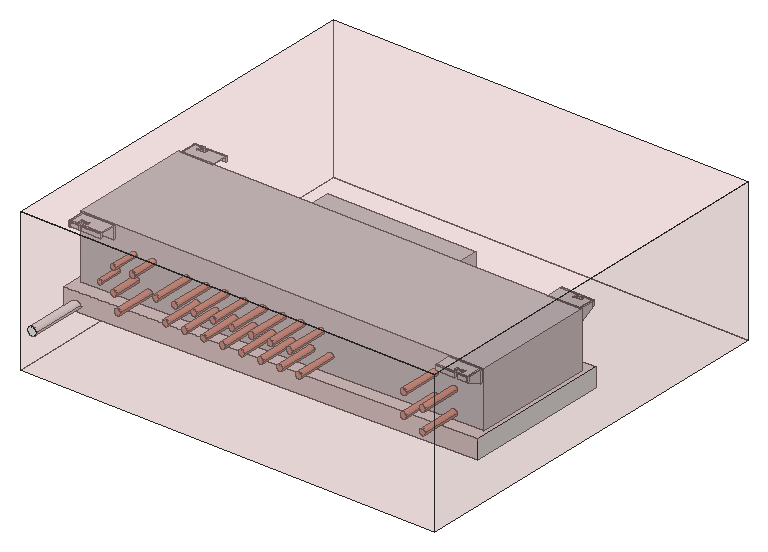
Revit family "CMB-WM108V-AA", category Mechanical Equipment, host Ceiling, Revit 2016
Family settings
  Host = Ceiling
  Part Type = Normal
  Round Connector Dimension = Use Radius
  OmniClass Number = 23.75.00.00
  OmniClass Title = Climate Control (HVAC)
  Always vertical = Yes
  Cut with Voids When Loaded = No
  Shared = No
  Room Calculation Point = No
Parameters (values of type "CMB-WM108V-AA_220V_60Hz_To M200")
  Description = "HBC controller"
  Manufacturer = "Mitsubishi Electric Corporation"
  Model = "CMB-WM108V-AA"
  Width = 1520 mm
  WarrantyStart = ""
  Voltage = 220 V
  Unit Weight (kg) = 86
  URL = "http://www.mitsubishielectric.com/"
  TagNumber = 0
  Subcategory = "HVAC"
  Space View = yes
  Sound Pressure Level (dB(A)) = 41
  SerialNumber = 0
  ReplacementYear = ""
  Phase = 1
  Number of branch = 8
  InstallationDate = ""
  Indoor unit capacity connectable to 1 branch = "Model P80 or smaller (Use optional joint pipe combing 2 branches when the total unit capacity exceeds P81.)"
  Hertz = 60 Hz
  Height = 300 mm
  Heating Power Input (kW) = 0.45
  Heating Current (A) = 2.89
  External Finish = "Galvanized steel plate"
  Equip_description = ""
  Equip_No. = 0
  Equip_ID = ""
  Description = ""
  Depth = 630 mm
  CreatedOn = ""
  CreatedBy = ""
  Cooling Power Input (kW) = 0.45
  Cooling Current (A) = 2.89
  Connection pipe of outdoor/heat source unit (Low pressure)_radius = 9.525 mm
  Connection pipe of outdoor/heat source unit (High pressure)_radius = 7.94 mm
  Connection pipe of indoor unit (Outlet Pipe)_radius (I.D.) = 10 mm
  Connection pipe of indoor unit (Inlet Pipe)_radius (I.D.) = 10 mm
  Connectable Outdoor/Heat source Unit = "PURY-M200YNW-A(-BS)/PURY-EM200YNW-A(-BS)"
  Category = ""
  Barcode = ""
  AssetIdentifier = ""
Types (60, lengths in mm): name | Voltage | Hertz | Heating Power Input (kW) | Heating Current (A) | Cooling Power Input (kW) | Cooling Current (A) | Connection pipe of outdoor/heat source unit (Low pressure)_radius | Connection pipe of outdoor/heat source unit (High pressure)_radius | Connectable Outdoor/Heat source Unit
  CMB-WM108V-AA_220V_50Hz_To M200 | 220 V | 50 Hz | 0.45 | 2.89 | 0.45 | 2.89 | 9.525 | 7.94 | "PURY-M200YNW-A(-BS)/PURY-EM200YNW-A(-BS)"
  CMB-WM108V-AA_220V_60Hz_To M200 | 220 V | 60 Hz | 0.45 | 2.89 | 0.45 | 2.89 | 9.525 | 7.94 | "PURY-M200YNW-A(-BS)/PURY-EM200YNW-A(-BS)"
  CMB-WM108V-AA_230V_50Hz_To M200 | 230 V | 50 Hz | 0.46 | 2.83 | 0.46 | 2.83 | 9.525 | 7.94 | "PURY-M200YNW-A(-BS)/PURY-EM200YNW-A(-BS)"
  CMB-WM108V-AA_230V_60Hz_To M200 | 230 V | 60 Hz | 0.46 | 2.83 | 0.46 | 2.83 | 9.525 | 7.94 | "PURY-M200YNW-A(-BS)/PURY-EM200YNW-A(-BS)"
  CMB-WM108V-AA_240V_50Hz_To M200 | 240 V | 50 Hz | 0.47 | 2.79 | 0.47 | 2.79 | 9.525 | 7.94 | "PURY-M200YNW-A(-BS)/PURY-EM200YNW-A(-BS)"
  CMB-WM108V-AA_240V_60Hz_To M200 | 240 V | 60 Hz | 0.47 | 2.79 | 0.47 | 2.79 | 9.525 | 7.94 | "PURY-M200YNW-A(-BS)/PURY-EM200YNW-A(-BS)"
  CMB-WM108V-AA_220V_50Hz_To M250 | 220 V | 50 Hz | 0.45 | 2.89 | 0.45 | 2.89 | 9.525 | 7.94 | "PURY-M250YNW-A(-BS)/PURY-EM250YNW-A(-BS)"
  CMB-WM108V-AA_220V_60Hz_To M250 | 220 V | 60 Hz | 0.45 | 2.89 | 0.45 | 2.89 | 9.525 | 7.94 | "PURY-M250YNW-A(-BS)/PURY-EM250YNW-A(-BS)"
  CMB-WM108V-AA_230V_50Hz_To M250 | 230 V | 50 Hz | 0.46 | 2.83 | 0.46 | 2.83 | 9.525 | 7.94 | "PURY-M250YNW-A(-BS)/PURY-EM250YNW-A(-BS)"
  CMB-WM108V-AA_230V_60Hz_To M250 | 230 V | 60 Hz | 0.46 | 2.83 | 0.46 | 2.83 | 9.525 | 7.94 | "PURY-M250YNW-A(-BS)/PURY-EM250YNW-A(-BS)"
  CMB-WM108V-AA_240V_50Hz_To M250 | 240 V | 50 Hz | 0.47 | 2.79 | 0.47 | 2.79 | 9.525 | 7.94 | "PURY-M250YNW-A(-BS)/PURY-EM250YNW-A(-BS)"
  CMB-WM108V-AA_240V_60Hz_To M250 | 240 V | 60 Hz | 0.47 | 2.79 | 0.47 | 2.79 | 9.525 | 7.94 | "PURY-M250YNW-A(-BS)/PURY-EM250YNW-A(-BS)"
  CMB-WM108V-AA_220V_50Hz_To M300 | 220 V | 50 Hz | 0.45 | 2.89 | 0.45 | 2.89 | 9.525 | 7.94 | "PURY-M300YNW-A(-BS)/PURY-EM300YNW-A(-BS)"
  CMB-WM108V-AA_220V_60Hz_To M300 | 220 V | 60 Hz | 0.45 | 2.89 | 0.45 | 2.89 | 9.525 | 7.94 | "PURY-M300YNW-A(-BS)/PURY-EM300YNW-A(-BS)"
  CMB-WM108V-AA_230V_50Hz_To M300 | 230 V | 50 Hz | 0.46 | 2.83 | 0.46 | 2.83 | 9.525 | 7.94 | "PURY-M300YNW-A(-BS)/PURY-EM300YNW-A(-BS)"
  CMB-WM108V-AA_230V_60Hz_To M300 | 230 V | 60 Hz | 0.46 | 2.83 | 0.46 | 2.83 | 9.525 | 7.94 | "PURY-M300YNW-A(-BS)/PURY-EM300YNW-A(-BS)"
  CMB-WM108V-AA_240V_50Hz_To M300 | 240 V | 50 Hz | 0.47 | 2.79 | 0.47 | 2.79 | 9.525 | 7.94 | "PURY-M300YNW-A(-BS)/PURY-EM300YNW-A(-BS)"
  CMB-WM108V-AA_240V_60Hz_To M300 | 240 V | 60 Hz | 0.47 | 2.79 | 0.47 | 2.79 | 9.525 | 7.94 | "PURY-M300YNW-A(-BS)/PURY-EM300YNW-A(-BS)"
  CMB-WM108V-AA_220V_50Hz_To P200 | 220 V | 50 Hz | 0.45 | 2.89 | 0.45 | 2.89 | 9.525 | 7.94 | "PURY-P200YNW-A(-BS)/PURY-EP200YNW-A(-BS)/PURY-P200YLM-A(-BS)/PURY-P200YLM-A1(-BS)/PURY-EP200YLM-A1(-BS)/PQRY-P200YLM-A2/PQRY-P200YLM-A1"
  CMB-WM108V-AA_220V_60Hz_To P200 | 220 V | 60 Hz | 0.45 | 2.89 | 0.45 | 2.89 | 9.525 | 7.94 | "PURY-P200YNW-A(-BS)/PURY-EP200YNW-A(-BS)/PURY-P200YLM-A(-BS)/PURY-P200YLM-A1(-BS)/PURY-EP200YLM-A1(-BS)/PQRY-P200YLM-A2/PQRY-P200YLM-A1"
  CMB-WM108V-AA_230V_50Hz_To P200 | 230 V | 50 Hz | 0.46 | 2.83 | 0.46 | 2.83 | 9.525 | 7.94 | "PURY-P200YNW-A(-BS)/PURY-EP200YNW-A(-BS)/PURY-P200YLM-A(-BS)/PURY-P200YLM-A1(-BS)/PURY-EP200YLM-A1(-BS)/PQRY-P200YLM-A2/PQRY-P200YLM-A1"
  CMB-WM108V-AA_230V_60Hz_To P200 | 230 V | 60 Hz | 0.46 | 2.83 | 0.46 | 2.83 | 9.525 | 7.94 | "PURY-P200YNW-A(-BS)/PURY-EP200YNW-A(-BS)/PURY-P200YLM-A(-BS)/PURY-P200YLM-A1(-BS)/PURY-EP200YLM-A1(-BS)/PQRY-P200YLM-A2/PQRY-P200YLM-A1"
  CMB-WM108V-AA_240V_50Hz_To P200 | 240 V | 50 Hz | 0.47 | 2.79 | 0.47 | 2.79 | 9.525 | 7.94 | "PURY-P200YNW-A(-BS)/PURY-EP200YNW-A(-BS)/PURY-P200YLM-A(-BS)/PURY-P200YLM-A1(-BS)/PURY-EP200YLM-A1(-BS)/PQRY-P200YLM-A2/PQRY-P200YLM-A1"
  CMB-WM108V-AA_240V_60Hz_To P200 | 240 V | 60 Hz | 0.47 | 2.79 | 0.47 | 2.79 | 9.525 | 7.94 | "PURY-P200YNW-A(-BS)/PURY-EP200YNW-A(-BS)/PURY-P200YLM-A(-BS)/PURY-P200YLM-A1(-BS)/PURY-EP200YLM-A1(-BS)/PQRY-P200YLM-A2/PQRY-P200YLM-A1"
  CMB-WM108V-AA_220V_50Hz_To P250 | 220 V | 50 Hz | 0.45 | 2.89 | 0.45 | 2.89 | 11.1 | 9.525 | "PURY-P250YNW-A(-BS)/PURY-EP250YNW-A(-BS)/PURY-P250YLM-A(-BS)/PURY-P250YLM-A1(-BS)/PURY-EP250YLM-A1(-BS)/PQRY-P250YLM-A2/PQRY-P250YLM-A1"
  CMB-WM108V-AA_220V_60Hz_To P250 | 220 V | 60 Hz | 0.45 | 2.89 | 0.45 | 2.89 | 11.1 | 9.525 | "PURY-P250YNW-A(-BS)/PURY-EP250YNW-A(-BS)/PURY-P250YLM-A(-BS)/PURY-P250YLM-A1(-BS)/PURY-EP250YLM-A1(-BS)/PQRY-P250YLM-A2/PQRY-P250YLM-A1"
  CMB-WM108V-AA_230V_50Hz_To P250 | 230 V | 50 Hz | 0.46 | 2.83 | 0.46 | 2.83 | 11.1 | 9.525 | "PURY-P250YNW-A(-BS)/PURY-EP250YNW-A(-BS)/PURY-P250YLM-A(-BS)/PURY-P250YLM-A1(-BS)/PURY-EP250YLM-A1(-BS)/PQRY-P250YLM-A2/PQRY-P250YLM-A1"
  CMB-WM108V-AA_230V_60Hz_To P250 | 230 V | 60 Hz | 0.46 | 2.83 | 0.46 | 2.83 | 11.1 | 9.525 | "PURY-P250YNW-A(-BS)/PURY-EP250YNW-A(-BS)/PURY-P250YLM-A(-BS)/PURY-P250YLM-A1(-BS)/PURY-EP250YLM-A1(-BS)/PQRY-P250YLM-A2/PQRY-P250YLM-A1"
  CMB-WM108V-AA_240V_50Hz_To P250 | 240 V | 50 Hz | 0.47 | 2.79 | 0.47 | 2.79 | 11.1 | 9.525 | "PURY-P250YNW-A(-BS)/PURY-EP250YNW-A(-BS)/PURY-P250YLM-A(-BS)/PURY-P250YLM-A1(-BS)/PURY-EP250YLM-A1(-BS)/PQRY-P250YLM-A2/PQRY-P250YLM-A1"
  CMB-WM108V-AA_240V_60Hz_To P250 | 240 V | 60 Hz | 0.47 | 2.79 | 0.47 | 2.79 | 11.1 | 9.525 | "PURY-P250YNW-A(-BS)/PURY-EP250YNW-A(-BS)/PURY-P250YLM-A(-BS)/PURY-P250YLM-A1(-BS)/PURY-EP250YLM-A1(-BS)/PQRY-P250YLM-A2/PQRY-P250YLM-A1"
  CMB-WM108V-AA_220V_50Hz_To P300 | 220 V | 50 Hz | 0.45 | 2.89 | 0.45 | 2.89 | 11.1 | 9.525 | "PURY-P300YNW-A(-BS)/PURY-EP300YNW-A(-BS)/PURY-P300YLM-A(-BS)/PURY-P300YLM-A1(-BS)/PURY-EP300YLM-A1(-BS)/PQRY-P300YLM-A2/PQRY-P300YLM-A1"
  CMB-WM108V-AA_220V_60Hz_To P300 | 220 V | 60 Hz | 0.45 | 2.89 | 0.45 | 2.89 | 11.1 | 9.525 | "PURY-P300YNW-A(-BS)/PURY-EP300YNW-A(-BS)/PURY-P300YLM-A(-BS)/PURY-P300YLM-A1(-BS)/PURY-EP300YLM-A1(-BS)/PQRY-P300YLM-A2/PQRY-P300YLM-A1"
  CMB-WM108V-AA_230V_50Hz_To P300 | 230 V | 50 Hz | 0.46 | 2.83 | 0.46 | 2.83 | 11.1 | 9.525 | "PURY-P300YNW-A(-BS)/PURY-EP300YNW-A(-BS)/PURY-P300YLM-A(-BS)/PURY-P300YLM-A1(-BS)/PURY-EP300YLM-A1(-BS)/PQRY-P300YLM-A2/PQRY-P300YLM-A1"
  CMB-WM108V-AA_230V_60Hz_To P300 | 230 V | 60 Hz | 0.46 | 2.83 | 0.46 | 2.83 | 11.1 | 9.525 | "PURY-P300YNW-A(-BS)/PURY-EP300YNW-A(-BS)/PURY-P300YLM-A(-BS)/PURY-P300YLM-A1(-BS)/PURY-EP300YLM-A1(-BS)/PQRY-P300YLM-A2/PQRY-P300YLM-A1"
  CMB-WM108V-AA_240V_50Hz_To P300 | 240 V | 50 Hz | 0.47 | 2.79 | 0.47 | 2.79 | 11.1 | 9.525 | "PURY-P300YNW-A(-BS)/PURY-EP300YNW-A(-BS)/PURY-P300YLM-A(-BS)/PURY-P300YLM-A1(-BS)/PURY-EP300YLM-A1(-BS)/PQRY-P300YLM-A2/PQRY-P300YLM-A1"
  CMB-WM108V-AA_240V_60Hz_To P300 | 240 V | 60 Hz | 0.47 | 2.79 | 0.47 | 2.79 | 11.1 | 9.525 | "PURY-P300YNW-A(-BS)/PURY-EP300YNW-A(-BS)/PURY-P300YLM-A(-BS)/PURY-P300YLM-A1(-BS)/PURY-EP300YLM-A1(-BS)/PQRY-P300YLM-A2/PQRY-P300YLM-A1"
  CMB-WM108V-AA_220V_50Hz_To P350 | 220 V | 50 Hz | 0.45 | 2.89 | 0.45 | 2.89 | 14.29 | 9.525 | "PURY-P350YNW-A(-BS)/PURY-EP350YNW-A(-BS)/PURY-P350YLM-A(-BS)/PURY-P350YLM-A1(-BS)/PURY-EP350YLM-A1(-BS)/PQRY-P350YLM-A2/PQRY-P350YLM-A1"
  CMB-WM108V-AA_220V_60Hz_To P350 | 220 V | 60 Hz | 0.45 | 2.89 | 0.45 | 2.89 | 14.29 | 9.525 | "PURY-P350YNW-A(-BS)/PURY-EP350YNW-A(-BS)/PURY-P350YLM-A(-BS)/PURY-P350YLM-A1(-BS)/PURY-EP350YLM-A1(-BS)/PQRY-P350YLM-A2/PQRY-P350YLM-A1"
  CMB-WM108V-AA_230V_50Hz_To P350 | 230 V | 50 Hz | 0.46 | 2.83 | 0.46 | 2.83 | 14.29 | 9.525 | "PURY-P350YNW-A(-BS)/PURY-EP350YNW-A(-BS)/PURY-P350YLM-A(-BS)/PURY-P350YLM-A1(-BS)/PURY-EP350YLM-A1(-BS)/PQRY-P350YLM-A2/PQRY-P350YLM-A1"
  CMB-WM108V-AA_230V_60Hz_To P350 | 230 V | 60 Hz | 0.46 | 2.83 | 0.46 | 2.83 | 14.29 | 9.525 | "PURY-P350YNW-A(-BS)/PURY-EP350YNW-A(-BS)/PURY-P350YLM-A(-BS)/PURY-P350YLM-A1(-BS)/PURY-EP350YLM-A1(-BS)/PQRY-P350YLM-A2/PQRY-P350YLM-A1"
  CMB-WM108V-AA_240V_50Hz_To P350 | 240 V | 50 Hz | 0.47 | 2.79 | 0.47 | 2.79 | 14.29 | 9.525 | "PURY-P350YNW-A(-BS)/PURY-EP350YNW-A(-BS)/PURY-P350YLM-A(-BS)/PURY-P350YLM-A1(-BS)/PURY-EP350YLM-A1(-BS)/PQRY-P350YLM-A2/PQRY-P350YLM-A1"
  CMB-WM108V-AA_240V_60Hz_To P350 | 240 V | 60 Hz | 0.47 | 2.79 | 0.47 | 2.79 | 14.29 | 9.525 | "PURY-P350YNW-A(-BS)/PURY-EP350YNW-A(-BS)/PURY-P350YLM-A(-BS)/PURY-P350YLM-A1(-BS)/PURY-EP350YLM-A1(-BS)/PQRY-P350YLM-A2/PQRY-P350YLM-A1"
  CMB-WM108V-AA_220V_50Hz_To P400 | 220 V | 50 Hz | 0.45 | 2.89 | 0.45 | 2.89 | 9.525 | 7.94 | "PURY-P400YNW-A(-BS)/PURY-EP400YNW-A(-BS)/PURY-P400YLM-A(-BS)/PURY-P400YLM-A1(-BS)/PURY-EP400YLM-A1(-BS)/PQRY-P400YLM-A2/PQRY-P400YLM-A1"
  CMB-WM108V-AA_220V_60Hz_To P400 | 220 V | 60 Hz | 0.45 | 2.89 | 0.45 | 2.89 | 9.525 | 7.94 | "PURY-P400YNW-A(-BS)/PURY-EP400YNW-A(-BS)/PURY-P400YLM-A(-BS)/PURY-P400YLM-A1(-BS)/PURY-EP400YLM-A1(-BS)/PQRY-P400YLM-A2/PQRY-P400YLM-A1"
  CMB-WM108V-AA_230V_50Hz_To P400 | 230 V | 50 Hz | 0.46 | 2.83 | 0.46 | 2.83 | 9.525 | 7.94 | "PURY-P400YNW-A(-BS)/PURY-EP400YNW-A(-BS)/PURY-P400YLM-A(-BS)/PURY-P400YLM-A1(-BS)/PURY-EP400YLM-A1(-BS)/PQRY-P400YLM-A2/PQRY-P400YLM-A1"
  CMB-WM108V-AA_230V_60Hz_To P400 | 230 V | 60 Hz | 0.46 | 2.83 | 0.46 | 2.83 | 9.525 | 7.94 | "PURY-P400YNW-A(-BS)/PURY-EP400YNW-A(-BS)/PURY-P400YLM-A(-BS)/PURY-P400YLM-A1(-BS)/PURY-EP400YLM-A1(-BS)/PQRY-P400YLM-A2/PQRY-P400YLM-A1"
  CMB-WM108V-AA_240V_50Hz_To P400 | 240 V | 50 Hz | 0.47 | 2.79 | 0.47 | 2.79 | 9.525 | 7.94 | "PURY-P400YNW-A(-BS)/PURY-EP400YNW-A(-BS)/PURY-P400YLM-A(-BS)/PURY-P400YLM-A1(-BS)/PURY-EP400YLM-A1(-BS)/PQRY-P400YLM-A2/PQRY-P400YLM-A1"
  CMB-WM108V-AA_240V_60Hz_To P400 | 240 V | 60 Hz | 0.47 | 2.79 | 0.47 | 2.79 | 9.525 | 7.94 | "PURY-P400YNW-A(-BS)/PURY-EP400YNW-A(-BS)/PURY-P400YLM-A(-BS)/PURY-P400YLM-A1(-BS)/PURY-EP400YLM-A1(-BS)/PQRY-P400YLM-A2/PQRY-P400YLM-A1"
  CMB-WM108V-AA_220V_50Hz_To P450 | 220 V | 50 Hz | 0.45 | 2.89 | 0.45 | 2.89 | 11.1 | 9.525 | "PURY-P450YNW-A(-BS)/PURY-EP450YNW-A(-BS)/PURY-P450YLM-A(-BS)/PURY-P450YLM-A1(-BS)/PURY-EP450YLM-A1(-BS)/PQRY-P450YLM-A2/PQRY-P450YLM-A1"
  CMB-WM108V-AA_220V_60Hz_To P450 | 220 V | 60 Hz | 0.45 | 2.89 | 0.45 | 2.89 | 11.1 | 9.525 | "PURY-P450YNW-A(-BS)/PURY-EP450YNW-A(-BS)/PURY-P450YLM-A(-BS)/PURY-P450YLM-A1(-BS)/PURY-EP450YLM-A1(-BS)/PQRY-P450YLM-A2/PQRY-P450YLM-A1"
  CMB-WM108V-AA_230V_50Hz_To P450 | 230 V | 50 Hz | 0.46 | 2.83 | 0.46 | 2.83 | 11.1 | 9.525 | "PURY-P450YNW-A(-BS)/PURY-EP450YNW-A(-BS)/PURY-P450YLM-A(-BS)/PURY-P450YLM-A1(-BS)/PURY-EP450YLM-A1(-BS)/PQRY-P450YLM-A2/PQRY-P450YLM-A1"
  CMB-WM108V-AA_230V_60Hz_To P450 | 230 V | 60 Hz | 0.46 | 2.83 | 0.46 | 2.83 | 11.1 | 9.525 | "PURY-P450YNW-A(-BS)/PURY-EP450YNW-A(-BS)/PURY-P450YLM-A(-BS)/PURY-P450YLM-A1(-BS)/PURY-EP450YLM-A1(-BS)/PQRY-P450YLM-A2/PQRY-P450YLM-A1"
  CMB-WM108V-AA_240V_50Hz_To P450 | 240 V | 50 Hz | 0.47 | 2.79 | 0.47 | 2.79 | 11.1 | 9.525 | "PURY-P450YNW-A(-BS)/PURY-EP450YNW-A(-BS)/PURY-P450YLM-A(-BS)/PURY-P450YLM-A1(-BS)/PURY-EP450YLM-A1(-BS)/PQRY-P450YLM-A2/PQRY-P450YLM-A1"
  CMB-WM108V-AA_240V_60Hz_To P450 | 240 V | 60 Hz | 0.47 | 2.79 | 0.47 | 2.79 | 11.1 | 9.525 | "PURY-P450YNW-A(-BS)/PURY-EP450YNW-A(-BS)/PURY-P450YLM-A(-BS)/PURY-P450YLM-A1(-BS)/PURY-EP450YLM-A1(-BS)/PQRY-P450YLM-A2/PQRY-P450YLM-A1"
  CMB-WM108V-AA_220V_50Hz_To P500 | 220 V | 50 Hz | 0.45 | 2.89 | 0.45 | 2.89 | 11.1 | 9.525 | "PURY-P500YNW-A(-BS)/PURY-EP500YNW-A(-BS)/PURY-P500YLM-A(-BS)/PURY-P500YLM-A1(-BS)/PURY-EP500YLM-A1(-BS)/PQRY-P500YLM-A2/PQRY-P500YLM-A1"
  CMB-WM108V-AA_220V_60Hz_To P500 | 220 V | 60 Hz | 0.45 | 2.89 | 0.45 | 2.89 | 11.1 | 9.525 | "PURY-P500YNW-A(-BS)/PURY-EP500YNW-A(-BS)/PURY-P500YLM-A(-BS)/PURY-P500YLM-A1(-BS)/PURY-EP500YLM-A1(-BS)/PQRY-P500YLM-A2/PQRY-P500YLM-A1"
  CMB-WM108V-AA_230V_50Hz_To P500 | 230 V | 50 Hz | 0.46 | 2.83 | 0.46 | 2.83 | 11.1 | 9.525 | "PURY-P500YNW-A(-BS)/PURY-EP500YNW-A(-BS)/PURY-P500YLM-A(-BS)/PURY-P500YLM-A1(-BS)/PURY-EP500YLM-A1(-BS)/PQRY-P500YLM-A2/PQRY-P500YLM-A1"
  CMB-WM108V-AA_230V_60Hz_To P500 | 230 V | 60 Hz | 0.46 | 2.83 | 0.46 | 2.83 | 11.1 | 9.525 | "PURY-P500YNW-A(-BS)/PURY-EP500YNW-A(-BS)/PURY-P500YLM-A(-BS)/PURY-P500YLM-A1(-BS)/PURY-EP500YLM-A1(-BS)/PQRY-P500YLM-A2/PQRY-P500YLM-A1"
  CMB-WM108V-AA_240V_50Hz_To P500 | 240 V | 50 Hz | 0.47 | 2.79 | 0.47 | 2.79 | 11.1 | 9.525 | "PURY-P500YNW-A(-BS)/PURY-EP500YNW-A(-BS)/PURY-P500YLM-A(-BS)/PURY-P500YLM-A1(-BS)/PURY-EP500YLM-A1(-BS)/PQRY-P500YLM-A2/PQRY-P500YLM-A1"
  CMB-WM108V-AA_240V_60Hz_To P500 | 240 V | 60 Hz | 0.47 | 2.79 | 0.47 | 2.79 | 11.1 | 9.525 | "PURY-P500YNW-A(-BS)/PURY-EP500YNW-A(-BS)/PURY-P500YLM-A(-BS)/PURY-P500YLM-A1(-BS)/PURY-EP500YLM-A1(-BS)/PQRY-P500YLM-A2/PQRY-P500YLM-A1"
Reference planes
  plane 1 "Center (Front/Back)": y = 0
  plane 2: z = 0
  plane 3 "Center (Left/Right)": x = 0
  plane 4 "Ceiling": z = -0.345
  plane 5: x = 740.001
  plane 6: x = -739.999
  plane 7: y = 963.043
  plane 8: y = 1625.043
  plane 9: y = 1625.043
  plane 10: y = 1625.043
  plane 11: y = 225.043
  plane 12: y = -424.957
  plane 13: x = 0
  plane 14: y = -271.474
  plane 15: z = 519.655
  plane 16: z = 419.655
  plane 17: z = 119.655
  plane 18: z = 335.655
  plane 19: z = 265.655
  plane 20: z = 345.655
  plane 21: z = 377.73
  plane 22: z = 239.655
  plane 23: x = -544
  plane 24: x = -474
  plane 25: y = -271.5
  plane 26 "front": y = -224.957
  plane 27: x = -716
  plane 28: z = 143.655
  plane 29: x = -544
  plane 30: z = 271.655
  plane 31: x = -603
  plane 32: x = -536
  plane 33: z = 266.655
  plane 34: x = -488
  plane 35: z = 240
  plane 36: x = 561
  plane 37: x = 631
  plane 38: z = 316.655
  plane 39: z = 347
  plane 40: z = 346.655
  plane 41: z = 268.655
  plane 42: z = 238.655
  plane 43 "31": y = -307.957
  plane 44 "43": y = -319.957
  plane 45 "61": y = -337.957
  plane 46 "63": y = -339.957
  plane 47 "160R": x = 600
  plane 48 "160L": x = -600
  plane 49 "250": y = 513.043
  plane 50: x = 150
  plane 51: x = -150
  plane 52: x = -760
  plane 53: x = 760
  plane 54: y = 353.043
  plane 55: y = -276.957
Forms (mm)
  Extrusion 1, solid, material "Plated steel"
    sketch origin (2.001, 0.043, 4120) x (-1, 0, 0) y (0, -1, 0)
      loop
        line (-738, 225) -> (-738, -225) -> (742, -225) -> (742, 225) -> (-738, 225)
    from -3963.529 to -3700.345
  Extrusion 2, solid, material "Plated steel"
    sketch origin (569.8, 1.043, 4090.445) x (-1, 0, 0) y (0, 0, 1)
      loop
        line (865.976, -3712.715) -> (322.799, -3712.715) -> (322.799, -3850.79) -> (865.976, -3850.79) -> (865.976, -3712.715)
    from 224 to 352
  Extrusion 3, solid, material "Copper"
    sketch origin (-127.999, 0.043, 112.655) x (-1, 0, 0) y (0, 0, 1)
      loop
        circle (220, 223) r 11
    from -370 to -225
  Extrusion 4, solid, material "Copper"
    sketch origin (-57.999, 0.043, 112.655) x (-1, 0, 0) y (0, 0, 1)
      loop
        circle (220, 223) r 11
    from -370 to -225
  Extrusion 5, solid, material "Copper"
    sketch origin (12.001, 0.043, 112.655) x (-1, 0, 0) y (0, 0, 1)
      loop
        circle (220, 223) r 11
    from -370 to -225
  Extrusion 6, solid, material "Copper"
    sketch origin (82.001, 0.043, 112.655) x (-1, 0, 0) y (0, 0, 1)
      loop
        circle (220, 223) r 11
    from -370 to -225
  Extrusion 7, solid, material "Copper"
    sketch origin (152.001, 0.043, 112.655) x (-1, 0, 0) y (0, 0, 1)
      loop
        circle (220, 223) r 11
    from -370 to -225
  Extrusion 8, solid, material "Copper"
    sketch origin (222.001, 0.043, 112.655) x (-1, 0, 0) y (0, 0, 1)
      loop
        circle (220, 223) r 11
    from -370 to -225
  Extrusion 9, solid, material "Copper"
    sketch origin (292.001, 0.043, 112.655) x (-1, 0, 0) y (0, 0, 1)
      loop
        circle (220, 223) r 11
    from -370 to -225
  Extrusion 10, solid, material "Copper"
    sketch origin (362.001, 0.043, 112.655) x (-1, 0, 0) y (0, 0, 1)
      loop
        circle (220, 223) r 11
    from -370 to -225
  Extrusion 11, solid, material "Copper"
    sketch origin (-93, 0.043, 42.655) x (-1, 0, 0) y (0, 0, 1)
      loop
        circle (220, 223) r 11
    from -370 to -225
  Extrusion 12, solid, material "Copper"
    sketch origin (-22.179, 0.043, 43) x (-1, 0, 0) y (0, 0, 1)
      loop
        circle (220.821, 222.655) r 11
    from -370 to -225
  Extrusion 13, solid, material "Copper"
    sketch origin (47, 0.043, 42.655) x (-1, 0, 0) y (0, 0, 1)
      loop
        circle (220, 223) r 11
    from -370 to -225
  Extrusion 14, solid, material "Copper"
    sketch origin (117, 0.043, 42.655) x (-1, 0, 0) y (0, 0, 1)
      loop
        circle (220, 223) r 11
    from -370 to -225
  Extrusion 15, solid, material "Copper"
    sketch origin (187, 0.043, 42.655) x (-1, 0, 0) y (0, 0, 1)
      loop
        circle (220, 223) r 11
    from -370 to -225
  Extrusion 16, solid, material "Copper"
    sketch origin (257, 0.043, 42.655) x (-1, 0, 0) y (0, 0, 1)
      loop
        circle (220, 223) r 11
    from -370 to -225
  Extrusion 17, solid, material "Copper"
    sketch origin (327, 0.043, 42.655) x (-1, 0, 0) y (0, 0, 1)
      loop
        circle (220, 223) r 11
    from -370 to -225
  Extrusion 18, solid, material "Copper"
    sketch origin (397, 0.043, 42.655) x (-1, 0, 0) y (0, 0, 1)
      loop
        circle (220, 223) r 11
    from -370 to -225
  Extrusion 19, solid, material "Service space", visible <- "Space View"
    sketch origin (0.001, 0.043, 4120) x (1, 0, 0) y (0, 1, 0)
      loop
        line (759.999, -477) -> (759.999, 963) -> (-760.001, 963) -> (-760.001, -477) -> (759.999, -477)
    from -4120.345 to -3600.345
  Extrusion 20, solid
    sketch origin (0, -224.957, -4000.345) x (0, 0, 1) y (1, 0, 0)
      loop
        circle (4144, -716) r 15.5
    from 0 to -252
  Extrusion 21, solid
    sketch origin (0, -224.957, -4000.345) x (0, 0, 1) y (1, 0, 0)
      loop
        circle (4346, -544) r 9.525
    from 0 to -95
  Extrusion 22, solid
    sketch origin (0, -224.957, -4000.345) x (0, 0, 1) y (1, 0, 0)
      loop
        circle (4346, -474) r 11.1
    from 0 to -95
  Extrusion 23, solid
    sketch origin (0, -224.957, -4000.345) x (0, 0, 1) y (1, 0, 0)
      loop
        circle (4272, -603) r 7.94
    from 0 to -83
  Extrusion 24, solid
    sketch origin (0, -224.957, -4000.345) x (0, 0, 1) y (1, 0, 0)
      loop
        circle (4267, -536) r 11
    from 0 to -103
  Extrusion 25, solid
    sketch origin (0, -224.957, -4000.345) x (0, 0, 1) y (1, 0, 0)
      loop
        circle (4240, -488) r 11
    from 0 to -145
  Extrusion 26, solid
    sketch origin (0, -224.957, -4000.345) x (0, 0, 1) y (1, 0, 0)
      loop
        circle (4347, 561) r 11
    from 0 to -145
  Extrusion 27, solid
    sketch origin (0, -224.957, -4000.345) x (0, 0, 1) y (1, 0, 0)
      loop
        circle (4317, 631) r 11
    from 0 to -145
  Extrusion 28, solid
    sketch origin (0, -224.957, -4000.345) x (0, 0, 1) y (1, 0, 0)
      loop
        circle (4269, 561) r 11
    from 0 to -145
  Extrusion 29, solid
    sketch origin (0, -224.957, -4000.345) x (0, 0, 1) y (1, 0, 0)
      loop
        circle (4239, 631) r 11
    from 0 to -145
Lines and regions (mm)
  model lines, visible <- "Space View"
    curve 1: line (-600, 963.043, -0.345) -> (-150, 963.043, -0.345)
    curve 2: line (-150, 963.043, -0.345) -> (-150, 513.043, -0.345)
    curve 3: line (-150, 513.043, -0.345) -> (-600, 513.043, -0.345)
    curve 4: line (-600, 513.043, -0.345) -> (-600, 963.043, -0.345)
    curve 5: line (-150, 963.043, -0.345) -> (-600, 513.043, -0.345)
    curve 6: line (-600, 963.043, -0.345) -> (-150, 513.043, -0.345)
    curve 7: line (600, 963.043, -0.345) -> (600, 513.043, -0.345)
    curve 8: line (600, 513.043, -0.345) -> (150, 513.043, -0.345)
    curve 9: line (150, 513.043, -0.345) -> (150, 963.043, -0.345)
    curve 10: line (150, 963.043, -0.345) -> (600, 963.043, -0.345)
    curve 11: line (600, 963.043, -0.345) -> (150, 513.043, -0.345)
    curve 12: line (150, 963.043, -0.345) -> (600, 513.043, -0.345)
Dimensions and locks
  equal spacing: host sketch curve, plane 3 "Center (Left/Right)", host sketch curve
  equal spacing: host sketch curve, plane 1 "Center (Front/Back)", host sketch curve
  host sketch curve to host sketch curve = 4000 mm  (x2)
  locked: plane 4 "Ceiling" to host ceiling at 0
  Extrusion 19 sketch curve to nested 1 = 700 mm
  locked: plane 4 "Ceiling" to plane 15 at 520
  locked: plane 4 "Ceiling" to plane 16 at 420
  locked: Extrusion 1 to plane 16 at 263.185
  locked: plane 17 to plane 16 at 300
  locked: plane 18 to plane 16 at 84
  locked: plane 19 to plane 16 at 154
  locked: plane 21 to plane 4 "Ceiling" at 378.075
  locked: plane 22 to plane 4 "Ceiling" at 240
  locked: Extrusion 19 to plane 27 at 44
  locked: Extrusion 1 to plane 28 at 276
  locked: Extrusion 1 to plane 20 at 74
  locked: Extrusion 19 to plane 29 at 216
  locked: Extrusion 19 to plane 24 at 286
  locked: Extrusion 1 to plane 30 at 148
  locked: Extrusion 19 to plane 31 at 157
  locked: Extrusion 19 to plane 32 at 224
  locked: Extrusion 1 to plane 33 at 153
  locked: Extrusion 19 to plane 34 at 272
  locked: Extrusion 1 to plane 22 at 180
  locked: Extrusion 19 to plane 36 at 1321
  locked: plane 37 to nested 1 at 1391
  locked: Extrusion 1 to plane 38 at 103
  locked: Extrusion 1 to plane 40 at 73
  locked: Extrusion 1 to plane 41 at 151
  locked: Extrusion 1 to plane 42 at 181
  Extrusion 20 to Extrusion 1 = 252 mm
  Extrusion 19 to nested 1 = 700 mm
  radius of Extrusion 3 sketch curve = 11 mm
  radius of Extrusion 4 sketch curve = 11 mm
  radius of Extrusion 5 sketch curve = 11 mm
  radius of Extrusion 6 sketch curve = 11 mm
  radius of Extrusion 7 sketch curve = 11 mm
  radius of Extrusion 8 sketch curve = 11 mm
  radius of Extrusion 9 sketch curve = 11 mm
  radius of Extrusion 10 sketch curve = 11 mm
  radius of Extrusion 11 sketch curve = 11 mm
  radius of Extrusion 12 sketch curve = 11 mm
  radius of Extrusion 13 sketch curve = 11 mm
  radius of Extrusion 14 sketch curve = 11 mm
  radius of Extrusion 15 sketch curve = 11 mm
  radius of Extrusion 16 sketch curve = 11 mm
  radius of Extrusion 17 sketch curve = 11 mm
  radius of Extrusion 18 sketch curve = 11 mm
  radius of Extrusion 21 sketch curve = 9.525 mm
  radius of Extrusion 24 sketch curve = 11 mm
  aligned and locked: Extrusion 19 to nested 1  (x2)
  aligned and locked: host ceiling to Extrusion 19
  aligned and locked: plane 15 to Extrusion 19
  aligned and locked: plane 16 to Extrusion 1
  aligned and locked: plane 16 to nested 2  (x2)
  aligned and locked: plane 16 to nested 4  (x2)
  aligned and locked: plane 17 to nested 1
  aligned and locked: plane 16 to nested 5
  aligned and locked: plane 16 to nested 3
  aligned and locked: plane 18 to Extrusion 3
  aligned and locked: plane 18 to Extrusion 4
  aligned and locked: plane 18 to Extrusion 5
  aligned and locked: plane 18 to Extrusion 6
  aligned and locked: plane 18 to Extrusion 7
  aligned and locked: plane 18 to Extrusion 9
  aligned and locked: plane 18 to Extrusion 10
  aligned and locked: plane 18 to Extrusion 8
  aligned and locked: plane 19 to Extrusion 11
  aligned and locked: plane 19 to Extrusion 12
  aligned and locked: plane 19 to Extrusion 13
  aligned and locked: plane 19 to Extrusion 14
  aligned and locked: plane 19 to Extrusion 15
  aligned and locked: plane 19 to Extrusion 16
  aligned and locked: plane 19 to Extrusion 17
  aligned and locked: plane 19 to Extrusion 18
  aligned and locked: plane 21 to Extrusion 2
  aligned and locked: Extrusion 2 to plane 22
  aligned and locked: Extrusion 2 to plane 21
  aligned and locked: plane 22 to Extrusion 2
  aligned and locked: Extrusion 1 to plane 26 "front"
  aligned and locked: plane 28 to Extrusion 20
  aligned and locked: plane 20 to Extrusion 21
  aligned and locked: plane 20 to Extrusion 22
  aligned and locked: plane 30 to Extrusion 23
  aligned and locked: plane 33 to Extrusion 24
  aligned and locked: plane 22 to Extrusion 25
  aligned and locked: plane 40 to Extrusion 26
  aligned and locked: plane 38 to Extrusion 27
  aligned and locked: plane 41 to Extrusion 28
  aligned and locked: plane 42 to Extrusion 29
Nested families
  nested 1: "drain_pac" at (-45, 0.043, 119.655) x (-1, 0, 0) z (0, 0, 1), type "drain_pac"
  nested 2: "turikanagu" at (689.501, 251.069, 416.655), type "turikanagu"
  nested 3: "turikanagu" at (-689.531, -250.984, 416.655) x (-1, 0, 0) z (0, 0, 1), type "turikanagu"
  nested 4: "turikanagu_2" at (-657.331, 251.069, 416.655), type "turikanagu_2"
  nested 5: "turikanagu_2" at (657.333, -250.957, 416.655) x (-1, 0, 0) z (0, 0, 1), type "turikanagu_2"
Connectors
  piping at (-347.999, -369.957, 335.655), diameter 22
    settings: on Extrusion 3, index 65, connector inside diameter 22 mm, connector length 0 mm, flow factor 0, pipe flow 0.0 L/s, pressure drop 0.0 Pa, fitting loss kfactor 0, connector angle 0.00°, fixture units 0, engagement length 0 mm, angle of deflection 0.00°, flow configuration 0, flow direction 1, fitting loss method 0, system type 22, joint type 0, gender type 0, connector reference index -1, connector utility 0, adjustable connector no, is connector primary yes, connector description "Connection pipe from indoor unit"
  piping at (-313, -369.957, 265.655), diameter 22
    settings: on Extrusion 11, index 66, connector inside diameter 22 mm, connector length 0 mm, flow factor 0, pipe flow 0.0 L/s, pressure drop 0.0 Pa, fitting loss kfactor 0, connector angle 0.00°, fixture units 0, engagement length 0 mm, angle of deflection 0.00°, flow configuration 0, flow direction 2, fitting loss method 0, system type 22, joint type 0, gender type 0, connector reference index -1, connector utility 0, adjustable connector no, is connector primary no, connector description "Connection pipe to indoor unit"
  piping at (-277.999, -369.957, 335.655), diameter 22
    settings: on Extrusion 4, index 68, connector inside diameter 22 mm, connector length 0 mm, flow factor 0, pipe flow 0.0 L/s, pressure drop 0.0 Pa, fitting loss kfactor 0, connector angle 0.00°, fixture units 0, engagement length 0 mm, angle of deflection 0.00°, flow configuration 0, flow direction 1, fitting loss method 0, system type 22, joint type 0, gender type 0, connector reference index -1, connector utility 0, adjustable connector no, is connector primary no, connector description "Connection pipe from indoor unit"
  piping at (-207.999, -369.957, 335.655), diameter 22
    settings: on Extrusion 5, index 69, connector inside diameter 22 mm, connector length 0 mm, flow factor 0, pipe flow 0.0 L/s, pressure drop 0.0 Pa, fitting loss kfactor 0, connector angle 0.00°, fixture units 0, engagement length 0 mm, angle of deflection 0.00°, flow configuration 0, flow direction 1, fitting loss method 0, system type 22, joint type 0, gender type 0, connector reference index -1, connector utility 0, adjustable connector no, is connector primary no, connector description "Connection pipe from indoor unit"
  piping at (-137.999, -369.957, 335.655), diameter 22
    settings: on Extrusion 6, index 70, connector inside diameter 22 mm, connector length 0 mm, flow factor 0, pipe flow 0.0 L/s, pressure drop 0.0 Pa, fitting loss kfactor 0, connector angle 0.00°, fixture units 0, engagement length 0 mm, angle of deflection 0.00°, flow configuration 0, flow direction 1, fitting loss method 0, system type 22, joint type 0, gender type 0, connector reference index -1, connector utility 0, adjustable connector no, is connector primary no, connector description "Connection pipe from indoor unit"
  piping at (-67.999, -369.957, 335.655), diameter 22
    settings: on Extrusion 7, index 71, connector inside diameter 22 mm, connector length 0 mm, flow factor 0, pipe flow 0.0 L/s, pressure drop 0.0 Pa, fitting loss kfactor 0, connector angle 0.00°, fixture units 0, engagement length 0 mm, angle of deflection 0.00°, flow configuration 0, flow direction 1, fitting loss method 0, system type 22, joint type 0, gender type 0, connector reference index -1, connector utility 0, adjustable connector no, is connector primary no, connector description "Connection pipe from indoor unit"
  piping at (2.001, -369.957, 335.655), diameter 22
    settings: on Extrusion 8, index 72, connector inside diameter 22 mm, connector length 0 mm, flow factor 0, pipe flow 0.0 L/s, pressure drop 0.0 Pa, fitting loss kfactor 0, connector angle 0.00°, fixture units 0, engagement length 0 mm, angle of deflection 0.00°, flow configuration 0, flow direction 1, fitting loss method 0, system type 22, joint type 0, gender type 0, connector reference index -1, connector utility 0, adjustable connector no, is connector primary no, connector description "Connection pipe from indoor unit"
  piping at (72.001, -369.957, 335.655), diameter 22
    settings: on Extrusion 9, index 73, connector inside diameter 22 mm, connector length 0 mm, flow factor 0, pipe flow 0.0 L/s, pressure drop 0.0 Pa, fitting loss kfactor 0, connector angle 0.00°, fixture units 0, engagement length 0 mm, angle of deflection 0.00°, flow configuration 0, flow direction 1, fitting loss method 0, system type 22, joint type 0, gender type 0, connector reference index -1, connector utility 0, adjustable connector no, is connector primary no, connector description "Connection pipe from indoor unit"
  piping at (142.001, -369.957, 335.655), diameter 22
    settings: on Extrusion 10, index 74, connector inside diameter 22 mm, connector length 0 mm, flow factor 0, pipe flow 0.0 L/s, pressure drop 0.0 Pa, fitting loss kfactor 0, connector angle 0.00°, fixture units 0, engagement length 0 mm, angle of deflection 0.00°, flow configuration 0, flow direction 1, fitting loss method 0, system type 22, joint type 0, gender type 0, connector reference index -1, connector utility 0, adjustable connector no, is connector primary no, connector description "Connection pipe from indoor unit"
  piping at (-243, -369.957, 265.655), diameter 22
    settings: on Extrusion 12, index 75, connector inside diameter 22 mm, connector length 0 mm, flow factor 0, pipe flow 0.0 L/s, pressure drop 0.0 Pa, fitting loss kfactor 0, connector angle 0.00°, fixture units 0, engagement length 0 mm, angle of deflection 0.00°, flow configuration 0, flow direction 2, fitting loss method 0, system type 22, joint type 0, gender type 0, connector reference index -1, connector utility 0, adjustable connector no, is connector primary no, connector description "Connection pipe to indoor unit"
  piping at (-173, -369.957, 265.655), diameter 22
    settings: on Extrusion 13, index 76, connector inside diameter 22 mm, connector length 0 mm, flow factor 0, pipe flow 0.0 L/s, pressure drop 0.0 Pa, fitting loss kfactor 0, connector angle 0.00°, fixture units 0, engagement length 0 mm, angle of deflection 0.00°, flow configuration 0, flow direction 2, fitting loss method 0, system type 22, joint type 0, gender type 0, connector reference index -1, connector utility 0, adjustable connector no, is connector primary no, connector description "Connection pipe to indoor unit"
  piping at (-103, -369.957, 265.655), diameter 22
    settings: on Extrusion 14, index 77, connector inside diameter 22 mm, connector length 0 mm, flow factor 0, pipe flow 0.0 L/s, pressure drop 0.0 Pa, fitting loss kfactor 0, connector angle 0.00°, fixture units 0, engagement length 0 mm, angle of deflection 0.00°, flow configuration 0, flow direction 2, fitting loss method 0, system type 22, joint type 0, gender type 0, connector reference index -1, connector utility 0, adjustable connector no, is connector primary no, connector description "Connection pipe to indoor unit"
  piping at (-33, -369.957, 265.655), diameter 22
    settings: on Extrusion 15, index 78, connector inside diameter 22 mm, connector length 0 mm, flow factor 0, pipe flow 0.0 L/s, pressure drop 0.0 Pa, fitting loss kfactor 0, connector angle 0.00°, fixture units 0, engagement length 0 mm, angle of deflection 0.00°, flow configuration 0, flow direction 2, fitting loss method 0, system type 22, joint type 0, gender type 0, connector reference index -1, connector utility 0, adjustable connector no, is connector primary no, connector description "Connection pipe to indoor unit"
  piping at (37, -369.957, 265.655), diameter 22
    settings: on Extrusion 16, index 79, connector inside diameter 22 mm, connector length 0 mm, flow factor 0, pipe flow 0.0 L/s, pressure drop 0.0 Pa, fitting loss kfactor 0, connector angle 0.00°, fixture units 0, engagement length 0 mm, angle of deflection 0.00°, flow configuration 0, flow direction 2, fitting loss method 0, system type 22, joint type 0, gender type 0, connector reference index -1, connector utility 0, adjustable connector no, is connector primary no, connector description "Connection pipe to indoor unit"
  piping at (107, -369.957, 265.655), diameter 22
    settings: on Extrusion 17, index 80, connector inside diameter 22 mm, connector length 0 mm, flow factor 0, pipe flow 0.0 L/s, pressure drop 0.0 Pa, fitting loss kfactor 0, connector angle 0.00°, fixture units 0, engagement length 0 mm, angle of deflection 0.00°, flow configuration 0, flow direction 2, fitting loss method 0, system type 22, joint type 0, gender type 0, connector reference index -1, connector utility 0, adjustable connector no, is connector primary no, connector description "Connection pipe to indoor unit"
  piping at (177, -369.957, 265.655), diameter 22
    settings: on Extrusion 18, index 81, connector inside diameter 22 mm, connector length 0 mm, flow factor 0, pipe flow 0.0 L/s, pressure drop 0.0 Pa, fitting loss kfactor 0, connector angle 0.00°, fixture units 0, engagement length 0 mm, angle of deflection 0.00°, flow configuration 0, flow direction 2, fitting loss method 0, system type 22, joint type 0, gender type 0, connector reference index -1, connector utility 0, adjustable connector no, is connector primary no, connector description "Connection pipe to indoor unit"
  piping at (561, -369.957, 346.655), diameter 22
    settings: on Extrusion 26, index 100, connector inside diameter 22 mm, connector length 0 mm, flow factor 0, pipe flow 0.0 L/s, pressure drop 0.0 Pa, fitting loss kfactor 0, connector angle 0.00°, fixture units 0, engagement length 0 mm, angle of deflection 0.00°, flow configuration 0, flow direction 2, fitting loss method 0, system type 22, joint type 0, gender type 0, connector reference index -1, connector utility 0, adjustable connector no, is connector primary no, connector description "Connection pipe to SUB HBC"
  piping at (631, -369.957, 316.655), diameter 22
    settings: on Extrusion 27, index 101, connector inside diameter 22 mm, connector length 0 mm, flow factor 0, pipe flow 0.0 L/s, pressure drop 0.0 Pa, fitting loss kfactor 0, connector angle 0.00°, fixture units 0, engagement length 0 mm, angle of deflection 0.00°, flow configuration 0, flow direction 1, fitting loss method 0, system type 22, joint type 0, gender type 0, connector reference index -1, connector utility 0, adjustable connector no, is connector primary no, connector description "Connection pipe from SUB HBC"
  piping at (561, -369.957, 268.655), diameter 22
    settings: on Extrusion 28, index 103, connector inside diameter 22 mm, connector length 0 mm, flow factor 0, pipe flow 0.0 L/s, pressure drop 0.0 Pa, fitting loss kfactor 0, connector angle 0.00°, fixture units 0, engagement length 0 mm, angle of deflection 0.00°, flow configuration 0, flow direction 2, fitting loss method 0, system type 22, joint type 0, gender type 0, connector reference index -1, connector utility 0, adjustable connector no, is connector primary no, connector description "Connection pipe to SUB HBC"
  electrical at (247.001, 289.043, 308.693), driven by "Phase", driven by "Voltage"
    settings: on Extrusion 2, index 105, voltage 220 V, apparent load 0 VA, apparent load phase1 0 VA, apparent load phase2 0 VA, apparent load phase3 0 VA, power factor 1, load classification "Other", number of poles 1, system type 30, power factor state 1, is connector primary yes, connector utility no, sub classification motor no, connector description ""
  piping at (-716, -476.957, 143.655), diameter 32
    settings: on Extrusion 20, index 106, connector inside diameter 32 mm, connector length 0 mm, flow factor 0, pipe flow 0.0 L/s, pressure drop 0.0 Pa, fitting loss kfactor 0, connector angle 0.00°, fixture units 0, engagement length 0 mm, angle of deflection 0.00°, flow configuration 0, flow direction 2, fitting loss method 0, system type 22, joint type 0, gender type 0, connector reference index -1, connector utility 0, adjustable connector no, is connector primary no, connector description "Drain pipe"
  piping at (-488, -369.957, 239.655), diameter 22
    settings: on Extrusion 25, index 107, connector inside diameter 22 mm, connector length 0 mm, flow factor 0, pipe flow 0.0 L/s, pressure drop 0.0 Pa, fitting loss kfactor 0, connector angle 0.00°, fixture units 0, engagement length 0 mm, angle of deflection 0.00°, flow configuration 0, flow direction 1, fitting loss method 0, system type 22, joint type 0, gender type 0, connector reference index -1, connector utility 0, adjustable connector no, is connector primary no, connector description "Water pipe (Inlet)"
  piping at (-536, -327.957, 266.655), diameter 22
    settings: on Extrusion 24, index 108, connector inside diameter 22 mm, connector length 0 mm, flow factor 0, pipe flow 0.0 L/s, pressure drop 0.0 Pa, fitting loss kfactor 0, connector angle 0.00°, fixture units 0, engagement length 0 mm, angle of deflection 0.00°, flow configuration 0, flow direction 2, fitting loss method 0, system type 22, joint type 0, gender type 0, connector reference index -1, connector utility 0, adjustable connector no, is connector primary no, connector description "Water pipe (EXP. Tank)"
  piping at (-474, -319.957, 345.655), diameter 22.2
    settings: on Extrusion 22, index 109, connector inside diameter 22.2 mm, connector length 0 mm, flow factor 0, pipe flow 0.0 L/s, pressure drop 0.0 Pa, fitting loss kfactor 0, connector angle 0.00°, fixture units 0, engagement length 0 mm, angle of deflection 0.00°, flow configuration 0, flow direction 0, fitting loss method 0, system type 22, joint type 0, gender type 0, connector reference index -1, connector utility 0, adjustable connector no, is connector primary no, connector description "Connection pipe of outdoor unit/heat source unit (Low pressure)"
  piping at (-603, -307.957, 271.655), diameter 15.8
    settings: on Extrusion 23, index 110, connector inside diameter 15.8 mm, connector length 0 mm, flow factor 0, pipe flow 0.0 L/s, pressure drop 0.0 Pa, fitting loss kfactor 0, connector angle 0.00°, fixture units 0, engagement length 0 mm, angle of deflection 0.00°, flow configuration 0, flow direction 1, fitting loss method 0, system type 22, joint type 0, gender type 0, connector reference index -1, connector utility 0, adjustable connector no, is connector primary no, connector description "Connection pipe from MAIN HBC"
  piping at (-544, -319.957, 345.655), diameter 19
    settings: on Extrusion 21, index 111, connector inside diameter 19 mm, connector length 0 mm, flow factor 0, pipe flow 0.0 L/s, pressure drop 0.0 Pa, fitting loss kfactor 0, connector angle 0.00°, fixture units 0, engagement length 0 mm, angle of deflection 0.00°, flow configuration 0, flow direction 0, fitting loss method 0, system type 22, joint type 0, gender type 0, connector reference index -1, connector utility 0, adjustable connector no, is connector primary no, connector description "Connection pipe of outdoor unit/heat source unit  (High pressure)"
  piping at (631, -369.957, 238.655), diameter 22.2
    settings: on Extrusion 29, index 112, connector inside diameter 609.6 mm, connector length 0 mm, flow factor 0, pipe flow 0.0 L/s, pressure drop 0.0 Pa, fitting loss kfactor 0, connector angle 0.00°, fixture units 0, engagement length 0 mm, angle of deflection 0.00°, flow configuration 0, flow direction 1, fitting loss method 0, system type 22, joint type 0, gender type 0, connector reference index -1, connector utility 0, adjustable connector no, is connector primary no, connector description ""
Definition of nested family "drain_pac"
  Parameters
    Manufacturer = "Mitsubishi Electric Corporation\r\n"
    Voltage = 0 V
    Unit Weight (kg) = 0
    URL = "http://global.mitsubishielectric.com/"
    Subcategory = "HVAC\r\n"
    Space View = yes
    Sound Pressure Level_Mid2 (dB(A)) = 0
    Sound Pressure Level_Mid1 (dB(A)) = 0
    Sound Pressure Level_Mid (dB(A)) = 0
    Sound Pressure Level_Low (dB(A)) = 0
    Sound Pressure Level_High (dB(A)) = 0
    Sound Pressure Level (dB(A)) = 0
    Refrigerant type = ""
    Refrigerant Charge (kg) = 0
    Protection Devices_Inverter circuit (COMP./FAN) = ""
    Protection Devices_High pressure (MPa) = ""
    Protection Devices_Fan motor = ""
    Protection Devices_Compressor = ""
    Protection Device = ""
    Phase = 1
    Maximum Overcurrent Protection (A) = 0
    Maximum Circuit Ampacity (A) = 0
    Indoor Unit Total Capacity = ""
    Indoor Unit Model/Quantity = ""
    Hertz = 0 Hz
    Heating Power Input (kW) = 0
    Heating Current (A) = 0
    Heating Capacity (BTU) = 0
    Fan_Type = ""
    Fan_Quantity = 0
    Fan Motor Output (kW) = 0
    External Material = ""
    Cooling Power Input (kW) = 0
    Cooling Current (A) = 0
    Cooling Capacity (BTU) = 0
    Connectable Outdoor Unit = ""
    Compressor_Type = ""
    Compressor_Quantity = 0
    Compressor_Lubricant = ""
    Compressor Motor Output (kW) = 0
    Compressor Case Heater (kW) = 0
    Airflow Rate_Mid2 (cfm) = 0
    Airflow Rate_Mid1 (cfm) = 0
    Airflow Rate_Mid (cfm) = 0
    Airflow Rate_Low (cfm) = 0
    Airflow Rate_High (cfm) = 0
    Airflow Rate (cfm) = 0
  Reference planes
    plane 1 "中心(正面/背面)": y = 0
    plane 2: z = 0
    plane 3 "中心(左/右)": x = -45
    plane 4: y = 277
    plane 5: x = -805
    plane 6: x = 715
    plane 7: y = -263
  Forms (mm)
    Extrusion 1, solid
      sketch origin (-150, 0, 0) x (-1, 0, 0) y (0, 0, 1)
        loop
          line (-865, 0) -> (655, 32.066) -> (655, 100) -> (-865, 67.934) -> (-865, 0)
      from -263 to 277
  Dimensions and locks
    aligned and locked: plane 4 to Extrusion 1
Definition of nested family "turikanagu"
  Parameters
    Width = 0 mm
    Voltage = 0 V
    Unit Weight (kg) = 0
    URL = "http://www.mitsubishielectric.com/"
    Subcategory = "HVAC"
    Space View = yes
    Sound Pressure Level_Mid2 (dB(A)) = 0
    Sound Pressure Level_Mid1 (dB(A)) = 0
    Sound Pressure Level_Low (dB(A)) = 0
    Sound Pressure Level_High (dB(A)) = 0
    Phase = 1
    Manufacturer = "Mitsubishi Electric Corporation"
    Liquid pipe_radius = 0 mm
    Hertz = 0 Hz
    Height = 0 mm
    Heating Power Input (kW) = 0
    Heating Current (A) = 0
    Gas pipe_radius = 0 mm
    Fan_Type = ""
    Fan_Quantity = 0
    Fan Motor Output (kW) = 0
    External Finish = ""
    Drain pipe_radius = 0 mm
    Depth = 0 mm
    Cooling Power Input (kW) = 0
    Cooling Current (A) = 0
    Airflow Rate_Mid2 (m3/min) = 0
    Airflow Rate_Mid1 (m3/min) = 0
    Airflow Rate_Low (m3/min) = 0
    Airflow Rate_High (m3/min) = 0
  Reference planes
    plane 1 "Center (Front/Back)": y = 0
    plane 2: z = 0
    plane 3 "Center (Left/Right)": x = 0
    plane 4 "F": y = 37.5
    plane 5 "R": x = 42.319
    plane 6 "b": y = -37.5
    plane 7: x = 6
    plane 8: x = -6
    plane 9: x = 6
    plane 10: y = -19
    plane 11: y = -26
    plane 12: x = -74.681
  Forms (mm)
    Extrusion 1, solid
      sketch origin (-510.395, -78.393, 0) x (1, 0, 0) y (0, 1, 0)
        loop
          line (435.714, 115.893) -> (435.714, 52.393) -> (552.714, 52.393) -> (552.714, 115.893) -> (435.714, 115.893)
      from 0 to 3
    Extrusion 2, void
      sketch origin (0, -37.5, 0) x (1, 0, 0) y (0, 1, 0)
        loop
          line (-6, 75) -> (-6, 65) -> (-12.974, 65)
          arc (-12.974, 65) -> (-14.407, 64.407) -> (-15, 62.974) r 2.026
          line (-15, 62.974) -> (-15, 52.973)
          arc (-15, 52.973) -> (-14.422, 51.578) -> (-13.027, 51) r 1.973
          line (-13.027, 51) -> (12.963, 51)
          arc (12.963, 51) -> (14.403, 51.597) -> (15, 53.037) r 2.037
          line (15, 53.037) -> (15, 62.996)
          arc (15, 62.996) -> (14.413, 64.413) -> (12.996, 65) r 2.004
          line (12.996, 65) -> (6, 65) -> (6, 75) -> (-6, 75)
      from 0 to 3
    Extrusion 3, solid
      sketch origin (0, -37.5, 0) x (-1, 0, 0) y (0, 0, 1)
        loop
          line (74.681, 3) -> (-42.319, 3) -> (-42.319, -45) -> (74.681, -45) -> (74.681, 3)
      from 11.5 to 14.5
    Extrusion 4, solid
      sketch origin (0, 37.5, 0) x (1, 0, 0) y (0, 0, 1)
        loop
          line (42.319, 3) -> (-74.681, 3) -> (-74.681, -15.622) -> (42.319, -15.622) -> (42.319, 3)
      from 0 to 3
    Extrusion 5, void
      sketch origin (0, 37.5, 0) x (1, 0, 0) y (0, 0, 1)
        loop
          line (6, 3) -> (-6, 3) -> (-6, -15.622) -> (6, -15.622) -> (6, 3)
      from 0 to 3
    Extrusion 6, solid
      sketch origin (42.319, 0, 0) x (0, -1, 0) y (0, 0, 1)
        loop
          line (26, 3) -> (-37.5, 3) -> (-37.5, -15.622) -> (23, -45) -> (26, -45) -> (26, 3)
      from 0 to 3
  Cuts and joins
    Extrusion 2, Extrusion 5 cuts Extrusion 1
    Extrusion 5 cuts Extrusion 4
  Dimensions and locks
    plane 3 "Center (Left/Right)" to Extrusion 1 = 42.319 mm
    Extrusion 1 to Extrusion 1 = 63.5 mm
    cut or joined group of Extrusion 1, Extrusion 2, Extrusion 5 to cut or joined group of Extrusion 1, Extrusion 2, Extrusion 5 = 117 mm
    aligned and locked: level to plane 2
Definition of nested family "turikanagu_2"
  Parameters
    Width = 0 mm
    Voltage = 0 V
    Unit Weight (kg) = 0
    URL = "http://www.mitsubishielectric.com/"
    Subcategory = "HVAC"
    Space View = yes
    Sound Pressure Level_Mid2 (dB(A)) = 0
    Sound Pressure Level_Mid1 (dB(A)) = 0
    Sound Pressure Level_Low (dB(A)) = 0
    Sound Pressure Level_High (dB(A)) = 0
    Phase = 1
    Manufacturer = "Mitsubishi Electric Corporation"
    Liquid pipe_radius = 0 mm
    Hertz = 0 Hz
    Height = 0 mm
    Heating Power Input (kW) = 0
    Heating Current (A) = 0
    Gas pipe_radius = 0 mm
    Fan_Type = ""
    Fan_Quantity = 0
    Fan Motor Output (kW) = 0
    External Finish = ""
    Drain pipe_radius = 0 mm
    Depth = 0 mm
    Cooling Power Input (kW) = 0
    Cooling Current (A) = 0
    Airflow Rate_Mid2 (m3/min) = 0
    Airflow Rate_Mid1 (m3/min) = 0
    Airflow Rate_Low (m3/min) = 0
    Airflow Rate_High (m3/min) = 0
  Reference planes
    plane 1 "Center (Front/Back)": y = 0
    plane 2: z = 0
    plane 3 "Center (Left/Right)": x = 0
    plane 4 "F": y = 37.5
    plane 5 "R": x = 42.319
    plane 6 "b": y = -37.5
    plane 7 "L": x = -75
    plane 8: x = 6
    plane 9: x = -6
    plane 10: x = 6
    plane 11: y = -19
    plane 12: y = -26
    plane 13: x = -16.5
    plane 14: x = -16.5
  Forms (mm)
    Extrusion 1, solid
      sketch origin (-510.395, -78.393, 0) x (1, 0, 0) y (0, 1, 0)
        loop
          line (435.395, 115.893) -> (435.395, 52.393) -> (552.714, 52.393) -> (552.714, 115.893) -> (435.395, 115.893)
      from 0 to 3
    Extrusion 2, solid
      sketch origin (0, -37.5, 0) x (-1, 0, 0) y (0, 0, 1)
        loop
          line (75, 3) -> (-42.319, 3) -> (-42.319, -45) -> (75, -45) -> (75, 3)
      from 11.5 to 14.5
    Extrusion 3, solid
      sketch origin (0, 37.5, 0) x (1, 0, 0) y (0, 0, 1)
        loop
          line (42.319, 3) -> (-75, 3) -> (-75, -15.622) -> (42.319, -15.622) -> (42.319, 3)
      from 0 to 3
    Extrusion 4, void
      sketch origin (-33, -37.5, 0) x (-1, 0, 0) y (0, -1, 0)
        loop
          line (-6, -75) -> (6, -75) -> (6, -65) -> (12.996, -65)
          arc (12.996, -65) -> (14.413, -64.413) -> (15, -62.996) r 2.004
          line (15, -62.996) -> (15, -53.037)
          arc (15, -53.037) -> (14.403, -51.597) -> (12.963, -51) r 2.037
          line (12.963, -51) -> (-14.627, -51)
          arc (-14.627, -51) -> (-16.022, -51.578) -> (-16.6, -52.973) r 1.973
          line (-16.6, -52.973) -> (-16.6, -62.974)
          arc (-16.6, -62.974) -> (-16.006, -64.407) -> (-14.574, -65) r 2.026
          line (-14.574, -65) -> (-6, -65) -> (-6, -75)
      from 0 to 3
    Extrusion 5, void
      sketch origin (-33, 34.875, 0) x (-1, 0, 0) y (0, 0, 1)
        loop
          line (6, 3) -> (-6, 3) -> (-6, -15.622) -> (6, -15.622) -> (6, 3)
      from -1.912 to 3
    Extrusion 6, solid
      sketch origin (-75, 0, 0) x (0, 1, 0) y (0, 0, 1)
        loop
          line (37.5, 3) -> (-26, 3) -> (-26, -45) -> (-23, -45) -> (37.5, -15.622) -> (37.5, 3)
      from 0 to 3
  Cuts and joins
    Extrusion 4, Extrusion 5 cuts Extrusion 1
    Extrusion 4, Extrusion 5 cuts Extrusion 3
  Dimensions and locks
    plane 3 "Center (Left/Right)" to Extrusion 1 = 42.319 mm
    Extrusion 1 to Extrusion 1 = 63.5 mm
    cut or joined group of Extrusion 1, Extrusion 4, Extrusion 5 to cut or joined group of Extrusion 1, Extrusion 4, Extrusion 5 = 117.319 mm
    aligned and locked: level to plane 2
